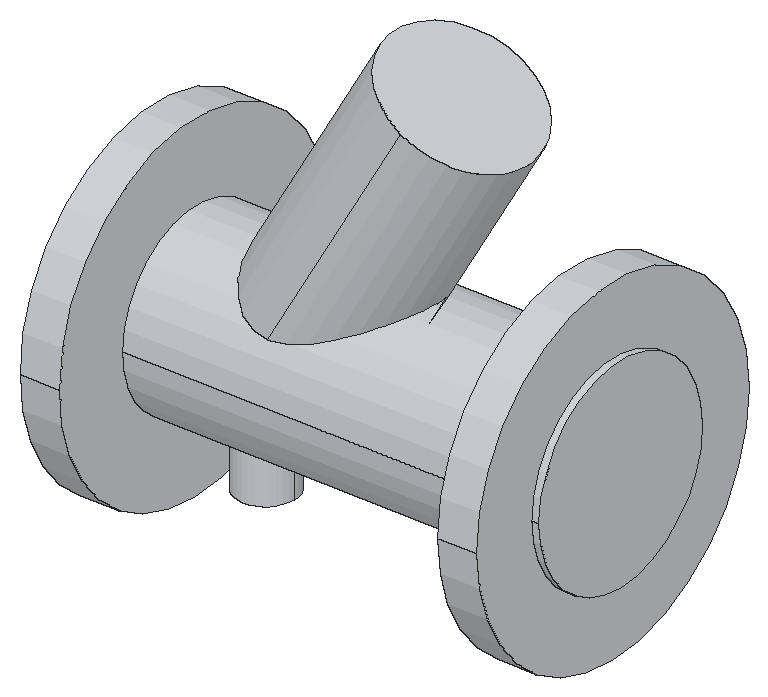
Revit family "HS 821-síto_jemné-PN25-DN050-RFA_2018", category Pipe Accessories, Revit 2018
Family settings
  Round Connector Dimension = Use Diameter
  Part Type = Breaks Into
  Work Plane-Based = No
  Always vertical = Yes
  Cut with Voids When Loaded = No
  Shared = No
Parameters (values of type "821D-DN050-PN25-síto_jemné")
  magiProductId = "5483b1f596b04cd39b23a14a22c90e"
  magiProductFamilyId = "79214ac3aaa945e397802f559f5c1e"
  magiPartTypeId = 307
  isMeasuringValve [instance] = no
  ang2D [instance] = 0.00°
  ZB__ve = -ZB  # -26.75 mm
  ZB1 = 40.095 mm
  ZB = 26.75 mm
  X2 = 79.061 mm
  X1 = 32.2 mm
  W2D = 15 mm
  VersionID = "2.0/2017.9.26.1/ZETKAMA_821_001"
  Use Minimum Symbol Size [instance] = yes
  URL = "www.hydronic.cz"
  Type Comments = "Filtr přírubový; síto jemné; A-PN16 (-10~300°C); D-PN25 (-10~350°C); F-PN40 (-10~400°C)"
  S = 99 mm
  QmdConnectorList = "301;D;302;D"
  Productdata [instance] = ""
  Manufacturer = "Hydronic Systems Prague s.r.o."
  MC Product Code = "210 250 (821D; DN050; PN25; kvs53,7; oko síta 0,63mm)"
  LM1 = 18.4 mm
  LM = 184 mm
  L4 = 57.5 mm
  L2D_Min = 3048 mm
  L2D = 130 mm
  L2 = 115 mm
  HH2 = 136.938 mm
  FD = 165 mm
  Description = "Filtr přírubový; síto jemné; 821A-PN16; 821D-PN25; 821F-PN40"
  DM1 = 73.8 mm
  DM = 89.1 mm
  D = 50 mm
  CC = 3.91 mm
  CAT0 = yes
  C1 = 19.09 mm
  C = 23 mm
  BD = 28.066 mm
Types (40, lengths in mm): name | magiProductId | ZB__ve | ZB1 | ZB | X2 | X1 | S | MC Product Code | LM1 | LM | L4 | L2 | HH2 | FD | DM1 | DM | D | CC | C1 | C | BD
  821A-DN015-PN16-síto_jemné | "a71bcfe8b393460598b23e8ddf7dc5" | -16.25 | 18.63 | 16.25 | 46.982 | 18.2 | 46 | "210 115 (821A; DN015; PN16; kvs6,2; oko síta 0,63mm)" | 10.4 | 104 | 32.5 | 65 | 81.375 | 95 | 27.6 | 41.4 | 15 | 2.21 | 10.79 | 13 | 13.041
  821A-DN020-PN16-síto_jemné | "41cd6c7a12924f4991217528336076" | -17.75 | 22.68 | 17.75 | 51.673 | 21 | 56 | "210 120 (821A; DN020; PN16; kvs9,6; oko síta 0,63mm)" | 12 | 120 | 37.5 | 75 | 89.5 | 105 | 33.6 | 50.4 | 20 | 2.55 | 12.45 | 15 | 15.876
  821A-DN025-PN16-síto_jemné | "be378b463ed14c3abf4c9b3ae8cf3a" | -19.25 | 26.325 | 19.25 | 58.601 | 22.4 | 65 | "210 125 (821A; DN025; PN16; kvs14,2; oko síta 0,63mm)" | 12.8 | 128 | 40 | 80 | 101.5 | 115 | 43.2 | 58.5 | 25 | 2.72 | 13.28 | 16 | 18.427
  821A-DN032-PN16-síto_jemné | "227a0d18b21540afabe8b6067d35fa" | -23 | 30.78 | 23 | 68.849 | 25.2 | 76 | "210 132 (821A; DN032; PN16; kvs23,1; oko síta 0,63mm)" | 14.4 | 144 | 45 | 90 | 119.25 | 140 | 50.4 | 68.4 | 32 | 3.06 | 14.94 | 18 | 21.546
  821A-DN040-PN16-síto_jemné | "d106917c74724141a10440112d0102" | -24.5 | 34.02 | 24.5 | 75.777 | 28 | 84 | "210 140 (821A; DN040; PN16; kvs36,6; oko síta 0,63mm)" | 16 | 160 | 50 | 100 | 131.25 | 150 | 60 | 75.6 | 40 | 3.4 | 16.6 | 20 | 23.814
  821A-DN050-PN16-síto_jemné | "8255d456a09e4f6486734f5dd9171b" | -26.75 | 40.095 | 26.75 | 79.061 | 32.2 | 99 | "210 150 (821A; DN050 PN16; kvs53,7; oko síta 0,63mm)" | 18.4 | 184 | 57.5 | 115 | 136.938 | 165 | 73.8 | 89.1 | 50 | 3.91 | 19.09 | 23 | 28.066
  821A-DN065-PN16-síto_jemné | "235b1b3e4c0843779a4d5e3716d40a" | -29.75 | 47.79 | 29.75 | 86.927 | 40.6 | 118 | "210 165 (821A; DN065; PN16; kvs95,1; oko síta 0,63mm)" | 23.2 | 232 | 72.5 | 145 | 150.562 | 185 | 94.2 | 106.2 | 65 | 4.93 | 24.07 | 29 | 33.453
  821A-DN080-PN16-síto_jemné | "a067f7c5236348ed8c820d16df7214" | -32 | 53.46 | 32 | 104.753 | 43.4 | 132 | "210 180 (821A; DN080; PN16; kvs137,1; oko síta 0,63mm)" | 24.8 | 248 | 77.5 | 155 | 181.438 | 200 | 107.4 | 118.8 | 80 | 5.27 | 25.73 | 31 | 37.422
  821A-DN100-PN16-síto_jemné | "c49a648c2747461285837d643703cd" | -35 | 63.18 | 35 | 114.857 | 49 | 156 | "210 190 (821A; DN100; PN16; kvs206,4; oko síta 0,63mm)" | 28 | 280 | 87.5 | 175 | 198.937 | 220 | 131.4 | 140.4 | 100 | 5.95 | 29.05 | 35 | 44.226
  821A-DN125-PN16-síto_jemné | "bf68e728a163493cbd2a663b26ebdc" | -39.5 | 74.52 | 39.5 | 131.888 | 56 | 184 | "210 191 (821A; DN125; PN16; kvs268,8; oko síta 0,63mm)" | 32 | 320 | 100 | 200 | 228.438 | 250 | 165 | 165.6 | 125 | 6.8 | 33.2 | 40 | 52.164
  821A-DN150-PN16-síto_jemné | "2de770284b654863ae6bc865769dc5" | -44.75 | 85.455 | 44.75 | 155.885 | 67.2 | 211 | "210 192 (821A; DN150; PN16; kvs401,4; oko síta 0,63mm)" | 38.4 | 384 | 120 | 240 | 270 | 285 | 192 | 189.9 | 150 | 8.16 | 39.84 | 48 | 59.818
  821A-DN200-PN16-síto_jemné | "8e5693371ab64aabb29a7f08c76e15" | -53 | 107.73 | 53 | 188.361 | 84 | 266 | "210 193 (821A; DN200; PN16; kvs706,7; oko síta 0,63mm)" | 48 | 480 | 150 | 300 | 326.25 | 340 | 252 | 239.4 | 200 | 10.2 | 49.8 | 60 | 75.411
  821A-DN250-PN16-síto_jemné | "05e37ed948c34047acdd4c42556504" | -62.75 | 129.195 | 62.75 | 255.911 | 102.2 | 319 | "210 194 (821A; DN250; PN16; kvs1229,4; oko síta 0,63mm)" | 58.4 | 584 | 182.5 | 365 | 443.25 | 405 | 309.6 | 287.1 | 250 | 12.41 | 60.59 | 73 | 90.436
  821A-DN300-PN16-síto_jemné | "9ad0af747269428da925480d83ce80" | -71 | 149.85 | 71 | 325.914 | 119 | 370 | "210 195 (821A; DN300; PN16; kvs1902,4; oko síta 0,63mm)" | 68 | 680 | 212.5 | 425 | 564.5 | 460 | 369.6 | 333 | 300 | 14.45 | 70.55 | 85 | 104.895
  821A-DN350-PN16-síto_jemné | "eebc71459bb3451bb4355e7951370a" | -80 | 173.745 | 80 | 356.875 | 137.2 | 429 | "200 196 (821A; DN350; PN16; kvs2611,0; oko síta 0,63mm)" | 78.4 | 784 | 245 | 490 | 618.125 | 520 | 438 | 386.1 | 350 | 16.66 | 81.34 | 98 | 121.621
  821A-DN400-PN16-síto_jemné | "d2f677cb196647e385b2590e7d8abe" | -89 | 194.4 | 89 | 392.237 | 154 | 480 | "210 197 (821A; DN400; PN16; kvs3438,4; oko síta 0,63mm)" | 88 | 880 | 275 | 550 | 679.375 | 580 | 498 | 432 | 400 | 18.7 | 91.3 | 110 | 136.08
  821D-DN015-PN25-síto_jemné | "27ddcbf555414f8ca1fde329bf9087" | -16.25 | 18.63 | 16.25 | 46.982 | 18.2 | 46 | "210 215 (821D; DN015; PN25; kvs6,2; oko síta 0,63mm)" | 10.4 | 104 | 32.5 | 65 | 81.375 | 95 | 27.6 | 41.4 | 15 | 2.21 | 10.79 | 13 | 13.041
  821D-DN020-PN25-síto_jemné | "270e0f14012f47189cd0235c18faee" | -17.75 | 22.68 | 17.75 | 51.673 | 21 | 56 | "210 220 (821D; DN020; PN25; kvs9,6; oko síta 0,63mm)" | 12 | 120 | 37.5 | 75 | 89.5 | 105 | 33.6 | 50.4 | 20 | 2.55 | 12.45 | 15 | 15.876
  821D-DN025-PN25-síto_jemné | "b9a7fb4aa36643878c637d8e1ab992" | -19.25 | 26.325 | 19.25 | 58.601 | 22.4 | 65 | "210 225 (821D; DN025; PN25; kvs14,2; oko síta 0,63mm)" | 12.8 | 128 | 40 | 80 | 101.5 | 115 | 43.2 | 58.5 | 25 | 2.72 | 13.28 | 16 | 18.427
  821D-DN032-PN25-síto_jemné | "6be9a55c4e68400f94eec7e804204c" | -23 | 30.78 | 23 | 68.849 | 25.2 | 76 | "210 232 (821D; DN032; PN25; kvs23,1; oko síta 0,63mm)" | 14.4 | 144 | 45 | 90 | 119.25 | 140 | 50.4 | 68.4 | 32 | 3.06 | 14.94 | 18 | 21.546
  821D-DN040-PN25-síto_jemné | "c54511bd7f584ec2984291479612cb" | -24.5 | 34.02 | 24.5 | 75.777 | 28 | 84 | "210 240 (821D; DN040; PN25; kvs36,6; oko síta 0,63mm)" | 16 | 160 | 50 | 100 | 131.25 | 150 | 60 | 75.6 | 40 | 3.4 | 16.6 | 20 | 23.814
  821D-DN050-PN25-síto_jemné | "5483b1f596b04cd39b23a14a22c90e" | -26.75 | 40.095 | 26.75 | 79.061 | 32.2 | 99 | "210 250 (821D; DN050; PN25; kvs53,7; oko síta 0,63mm)" | 18.4 | 184 | 57.5 | 115 | 136.938 | 165 | 73.8 | 89.1 | 50 | 3.91 | 19.09 | 23 | 28.066
  821D-DN065-PN25-síto_jemné | "767b0f8318e94750bc7a9930ed5b30" | -29.75 | 47.79 | 29.75 | 86.927 | 40.6 | 118 | "210 265 (821D; DN065; PN25; kvs95,1; oko síta 0,63mm)" | 23.2 | 232 | 72.5 | 145 | 150.562 | 185 | 94.2 | 106.2 | 65 | 4.93 | 24.07 | 29 | 33.453
  821D-DN080-PN25-síto_jemné | "e21040fa3cc2404b858198f6b73709" | -32 | 53.46 | 32 | 104.753 | 43.4 | 132 | "210 280 (821D; DN080; PN25; kvs137,1; oko síta 0,63mm)" | 24.8 | 248 | 77.5 | 155 | 181.438 | 200 | 107.4 | 118.8 | 80 | 5.27 | 25.73 | 31 | 37.422
  821D-DN100-PN25-síto_jemné | "175ca87a506b40b3bc6b82f12f33cf" | -37.25 | 63.18 | 37.25 | 114.857 | 49 | 156 | "210 290 (821D; DN100; PN25; kvs206,4; oko síta 0,63mm)" | 28 | 280 | 87.5 | 175 | 198.937 | 235 | 131.4 | 140.4 | 100 | 5.95 | 29.05 | 35 | 44.226
  821D-DN125-PN25-síto_jemné | "77cc98d60da24855999a22dff726b2" | -42.5 | 74.52 | 42.5 | 131.888 | 56 | 184 | "210 291 (821D; DN125; PN25; kvs268,8; oko síta 0,63mm)" | 32 | 320 | 100 | 200 | 228.438 | 270 | 165 | 165.6 | 125 | 6.8 | 33.2 | 40 | 52.164
  821D-DN150-PN25-síto_jemné | "9cf8acfcd15547d68e83172d3abcbe" | -47 | 85.455 | 47 | 155.885 | 67.2 | 211 | "210 292 (821D; DN150; PN25; kvs401,4; oko síta 0,63mm)" | 38.4 | 384 | 120 | 240 | 270 | 300 | 192 | 189.9 | 150 | 8.16 | 39.84 | 48 | 59.818
  821D-DN200-PN25-síto_jemné | "16973f3c9ea14389ba8602495a6b64" | -56 | 110.97 | 56 | 188.361 | 84 | 274 | "210 293 (821D; DN200; PN25; kvs706,7; oko síta 0,63mm)" | 48 | 480 | 150 | 300 | 326.25 | 360 | 252 | 246.6 | 200 | 10.2 | 49.8 | 60 | 77.679
  821F-DN015-PN40-síto_jemné | "4c7eaf3c4c0340888b3e684d8a8616" | -16.25 | 18.225 | 16.25 | 46.982 | 18.2 | 45 | "250 615 (821F; DN015; PN40; kvs6,2; oko síta 0,63mm)" | 10.4 | 104 | 32.5 | 65 | 81.375 | 95 | 27.6 | 40.5 | 15 | 2.21 | 10.79 | 13 | 12.757
  821F-DN020-PN40-síto_jemné | "aaac5f1ec96b44d6ba96ac2293d66d" | -17.75 | 23.49 | 17.75 | 51.673 | 21 | 58 | "250 620 (821F; DN020; PN40; kvs9,6; oko síta 0,63mm)" | 12 | 120 | 37.5 | 75 | 89.5 | 105 | 33.6 | 52.2 | 20 | 2.55 | 12.45 | 15 | 16.443
  821F-DN025-PN40-síto_jemné | "504768023968471481789485b54c7e" | -19.25 | 27.54 | 19.25 | 58.601 | 22.4 | 68 | "250 625 (821F; DN025; PN40; kvs14,2; oko síta 0,63mm)" | 12.8 | 128 | 40 | 80 | 101.5 | 115 | 43.2 | 61.2 | 25 | 2.72 | 13.28 | 16 | 19.278
  821F-DN032-PN40-síto_jemné | "165e7f39cf744f329bdf1c400dad12" | -23 | 31.59 | 23 | 68.849 | 25.2 | 78 | "250 632 (821F; DN032; PN40; kvs23,1; oko síta 0,63mm)" | 14.4 | 144 | 45 | 90 | 119.25 | 140 | 50.4 | 70.2 | 32 | 3.06 | 14.94 | 18 | 22.113
  821F-DN040-PN40-síto_jemné | "b8903f952089408fbf3a5a632bab1f" | -24.5 | 35.64 | 24.5 | 75.777 | 28 | 88 | "250 640 (821F; DN040; PN40; kvs36,6; oko síta 0,63mm)" | 16 | 160 | 50 | 100 | 131.25 | 150 | 60 | 79.2 | 40 | 3.4 | 16.6 | 20 | 24.948
  821F-DN050-PN40-síto_jemné | "c451f97266fe48da8f879cb6a2bd44" | -26.75 | 41.31 | 26.75 | 79.061 | 32.2 | 102 | "250 650 (821F; DN050; PN40; kvs53,7; oko síta 0,63mm)" | 18.4 | 184 | 57.5 | 115 | 136.938 | 165 | 73.8 | 91.8 | 50 | 3.91 | 19.09 | 23 | 28.917
  821F-DN065-PN40-síto_jemné | "dc9821e3f9b34e128f6a8c6b34c198" | -29.75 | 49.41 | 29.75 | 86.927 | 40.6 | 122 | "250 665 (821F; DN065; PN40; kvs95,1; oko síta 0,63mm)" | 23.2 | 232 | 72.5 | 145 | 150.562 | 185 | 94.2 | 109.8 | 65 | 4.93 | 24.07 | 29 | 34.587
  821F-DN080-PN40-síto_jemné | "689aa1e260f84cf4994f027a1d86b5" | -32 | 55.89 | 32 | 104.753 | 43.4 | 138 | "250 680 (821F; DN080; PN40; kvs137,1; oko síta 0,63mm)" | 24.8 | 248 | 77.5 | 155 | 181.438 | 200 | 107.4 | 124.2 | 80 | 5.27 | 25.73 | 31 | 39.123
  821F-DN100-PN40-síto_jemné | "8a45d4e8e2ab425f8c432f21d684f3" | -37.25 | 65.61 | 37.25 | 114.857 | 49 | 162 | "250 690 (821F; DN100; PN40; kvs206,4; oko síta 0,63mm)" | 28 | 280 | 87.5 | 175 | 198.937 | 235 | 131.4 | 145.8 | 100 | 5.95 | 29.05 | 35 | 45.927
  821F-DN125-PN40-síto_jemné | "cf073904c006406b8645afa67ea2fc" | -42.5 | 76.14 | 42.5 | 131.888 | 56 | 188 | "250 691 (821F; DN125; PN40; kvs268,8; oko síta 0,63mm)" | 32 | 320 | 100 | 200 | 228.438 | 270 | 165 | 169.2 | 125 | 6.8 | 33.2 | 40 | 53.298
  821F-DN150-PN40-síto_jemné | "0153b9ddabe14992a630484929fdbc" | -47 | 88.29 | 47 | 155.885 | 67.2 | 218 | "250 692 (821F; DN150; PN40; kvs401,4; oko síta 0,63mm)" | 38.4 | 384 | 120 | 240 | 270 | 300 | 192 | 196.2 | 150 | 8.16 | 39.84 | 48 | 61.803
  821F-DN200-PN40-síto_jemné | "7fb3fc01dd8d42428c203e3f8dd4d5" | -56 | 115.425 | 56 | 188.361 | 84 | 285 | "250 693 (821F; DN200; PN40; kvs706,7; oko síta 0,63mm)" | 48 | 480 | 150 | 300 | 326.25 | 360 | 252 | 256.5 | 200 | 10.2 | 49.8 | 60 | 80.797
Reference planes
  plane 1 "Center (Front/Back)": y = 0
  plane 2 "XYPLANE": z = 0
  plane 3 "Center (Left/Right)": x = 0
  plane 4 "109": x = -73.6
  plane 5 "108": x = 92
  plane 6 "107": x = -92
  plane 7 "105": x = 115
  plane 8 "104": x = -115
  plane 9 "103": y = 0
  plane 10 "102": z = 0
  plane 11 "101": x = -111.09
  plane 12 "100": x = 111.09
  plane 13 "11": x = -41.4
  plane 14 "10": z = 136.938
  plane 15 "9": x = 37.661
  plane 16 "5": z = -40.095
  plane 17 "4": x = -57.5
  plane 18 "1": x = 57.5
Forms (mm)
  Extrusion 1, solid, visible <- "CAT0"
    sketch origin (-92, -750, 0) x (0, 1, 0) y (0, 0, 1)
      loop
        circle (750, 0) r 44.55
    from 0 to 184 <- "LM"
  Extrusion 2, solid
    sketch origin (-115, -750, 0) x (0, 1, 0) y (0, 0, 1)
      loop
        circle (750, 0) r 49.5
    from 0 to 3.91 <- "CC"
  Extrusion 3, solid
    sketch origin (-111.09, -750, 0) x (0, 1, 0) y (0, 0, 1)
      loop
        circle (750, 0) r 82.5
    from 0 to 19.09 <- "C1"
  Extrusion 4, solid
    sketch origin (92, -750, 0) x (0, 1, 0) y (0, 0, 1)
      loop
        circle (750, 0) r 82.5
    from 0 to 19.09 <- "C1"
  Extrusion 5, solid
    sketch origin (111.09, -750, 0) x (0, 1, 0) y (0, 0, 1)
      loop
        circle (750, 0) r 49.5
    from 0 to 3.91 <- "CC"
  Sweep 6, solid, visible <- "CAT0"
    path origin (750, 0, 0) x (-1, 0, 0) y (0, 0, 1)
      loop
        line (842, 0) -> (791.4, 0) -> (712.339, 136.938)
    profile origin (-92, 0, 0) x (0, 0, -1) y (0, 1, 0)
      loop
        circle (0, 0) r 36.9
  Extrusion 7, solid, visible <- "CAT0"
    sketch origin (-750, 0, -40.095) x (1, 0, 0) y (0, 1, 0)
      loop
        circle (692.5, 0) r 14.033
    from 0 to -26.75 <- "ZB__ve"
  Extrusion 8, solid, visible <- "CAT0"
    sketch origin (-750, 0, -40.095) x (1, 0, 0) y (0, 1, 0)
      loop
        circle (807.5, 0) r 14.033
    from 0 to -26.75 <- "ZB__ve"
  Extrusion 9, solid, not visible
    sketch origin (115, -750, 0) x (0, 1, 0) y (0, 0, 1)
      loop
        circle (750, 0) r 10
    from 0 to -10
  Extrusion 10, solid, not visible
    sketch origin (-115, -750, 0) x (0, 1, 0) y (0, 0, 1)
      loop
        circle (750, 0) r 10
    from 0 to 10
Lines and regions (mm)
  reference lines, not visible
    curve 1: circle (2, 2, 0) r 1 normal (0, 0, 1)
Dimensions and locks
  plane 1 "Center (Front/Back)" to curve 1 = 2 mm
  "LM1": plane 6 "107" to plane 4 "109"
  "LM": plane 6 "107" to plane 5 "108"
  "C": plane 8 "104" to plane 6 "107"
  "L2": plane 3 "Center (Left/Right)" to plane 7 "105"
  "L2": plane 3 "Center (Left/Right)" to plane 8 "104"
  locked: plane 1 "Center (Front/Back)" to plane 9 "103"
  locked: plane 2 "XYPLANE" to plane 10 "102"
  "CC": plane 8 "104" to plane 11 "101"
  "C1": plane 5 "108" to plane 12 "100"
  "X1": plane 4 "109" to plane 13 "11"
  "HH2": plane 2 "XYPLANE" to plane 14 "10"
  "X2": plane 13 "11" to plane 15 "9"
  "ZB1": plane 2 "XYPLANE" to plane 16 "5"
  "L4": plane 8 "104" to plane 17 "4"
  "L2": plane 17 "4" to plane 18 "1"
  Sweep 6 sketch curve to Sweep 6 sketch curve = 0 mm  (x2)
  "DM": diameter of Extrusion 1 sketch curve
  "S": diameter of Extrusion 2 sketch curve
  "FD": diameter of Extrusion 3 sketch curve
  "FD": diameter of Extrusion 4 sketch curve
  "S": diameter of Extrusion 5 sketch curve
  "DM1": diameter of Sweep 6 sketch curve
  "BD": diameter of Extrusion 7 sketch curve
  "BD": diameter of Extrusion 8 sketch curve
  aligned and locked: level to plane 2 "XYPLANE"
  aligned and locked: Extrusion 1 sketch curve to plane 9 "103"
  aligned and locked: plane 10 "102" to Extrusion 1 sketch curve
  aligned and locked: Extrusion 2 sketch curve to plane 9 "103"
  aligned and locked: plane 10 "102" to Extrusion 2 sketch curve
  aligned and locked: Extrusion 3 sketch curve to plane 9 "103"
  aligned and locked: plane 10 "102" to Extrusion 3 sketch curve
  aligned and locked: Extrusion 4 sketch curve to plane 9 "103"
  aligned and locked: plane 10 "102" to Extrusion 4 sketch curve
  aligned and locked: Extrusion 5 sketch curve to plane 9 "103"
  aligned and locked: plane 10 "102" to Extrusion 5 sketch curve
  aligned and locked: Sweep 6 sketch curve to plane 9 "103"
  aligned and locked: plane 10 "102" to Sweep 6 sketch curve  (x3)
  aligned and locked: plane 6 "107" to Sweep 6 sketch curve
  aligned and locked: plane 13 "11" to Sweep 6 sketch curve
  aligned and locked: plane 14 "10" to Sweep 6 sketch curve
  aligned and locked: plane 15 "9" to Sweep 6 sketch curve
  aligned and locked: plane 9 "103" to Extrusion 7 sketch curve
  aligned and locked: plane 17 "4" to Extrusion 7 sketch curve
  aligned and locked: plane 9 "103" to Extrusion 8 sketch curve
  aligned and locked: plane 18 "1" to Extrusion 8 sketch curve
  aligned and locked: Extrusion 9 sketch curve to plane 9 "103"
  aligned and locked: plane 10 "102" to Extrusion 9 sketch curve
  aligned and locked: Extrusion 10 sketch curve to plane 9 "103"
  aligned and locked: plane 10 "102" to Extrusion 10 sketch curve
Automatic sketch dimensions
  plane 1 "Center (Front/Back)" to Extrusion 9 sketch curve = 10 mm
  plane 1 "Center (Front/Back)" to Extrusion 10 sketch curve = 10 mm
  plane 3 "Center (Left/Right)" to curve 1 = 2 mm
  radius of curve 1 = 1 mm
Connectors
  piping at (-115, 0, 0), diameter 50, driven by "D"
    settings: on Extrusion 10, index 1, connector inside diameter 609.6 mm, connector length 0 mm, flow factor 0, pipe flow 0.0 L/s, pressure drop 0.0 Pa, fitting loss kfactor 0, connector angle 0.00°, fixture units 0, engagement length 0 mm, angle of deflection 0.00°, flow configuration 0, flow direction 0, fitting loss method 0, system type 29, joint type 0, gender type 0, connector reference index 2, connector utility 0, adjustable connector no, is connector primary yes, connector description ""
  piping at (115, 0, 0), diameter 50, driven by "D"
    settings: on Extrusion 9, index 2, connector inside diameter 609.6 mm, connector length 0 mm, flow factor 0, pipe flow 0.0 L/s, pressure drop 0.0 Pa, fitting loss kfactor 0, connector angle 0.00°, fixture units 0, engagement length 0 mm, angle of deflection 0.00°, flow configuration 0, flow direction 0, fitting loss method 0, system type 29, joint type 0, gender type 0, connector reference index 1, connector utility 0, adjustable connector no, is connector primary no, connector description ""
